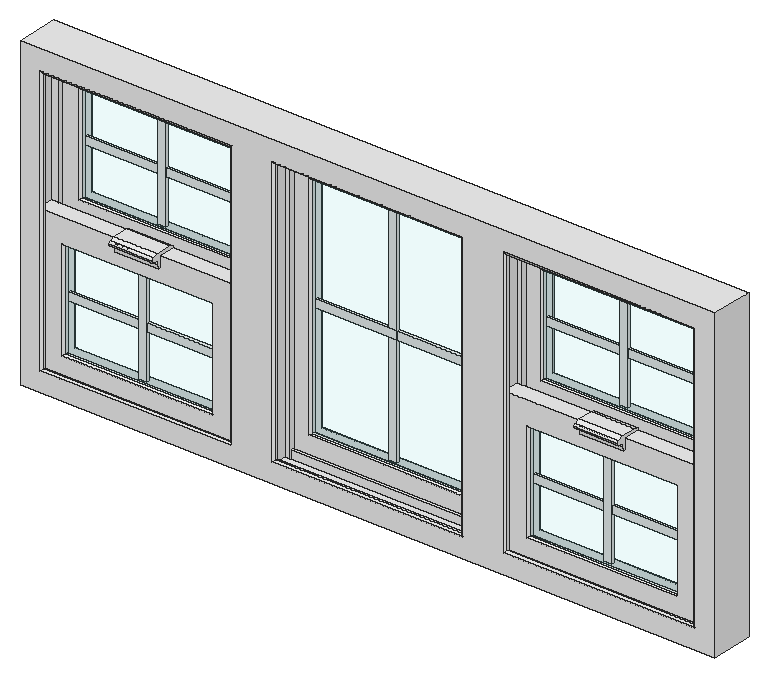
Revit family "Windows_Single-Hung_Milgard_Tuscany-Montecito-Series_Double-Single-Hung-W-Picture", category Windows, host Wall, Revit 2017
Family settings
  Host = Wall
  OmniClass Number = 23.30.20.17.17.11
  OmniClass Title = Single-Hung Windows
  Always vertical = Yes
  Cut with Voids When Loaded = No
  Shared = No
  Room Calculation Point = No
Parameters (values of type "54" x 24"")
  Youtube clip = "https://www.youtube.com/watch?v=kTycgURMhFo&list=PL_Ow8HQ0-gw77aRiTrPBSI0--vocwVnzV&index=1"
  Weight Net (Kg) = ""
  Uniformat II Description = "Exterior Windows"
  Uniformat II Code = "B2020"
  Uniclass 2015 Name = ""
  Uniclass 2015 Code = ""
  Uniclass 2.0 Description = ""
  Uniclass 2.0 Code = ""
  Uniclass 1.4 Description = ""
  Uniclass 1.4 Code = ""
  URL = "www.milgard.com"
  UNSPSC Code = ""
  U Values URL = "https://www.milgard.com/professionals/energy-calculator"
  Technical description = "https://www.milgard.com/professionals/technical-resources?doc_type%5B%5D=48"
  Style = "Double Single Hung with Picture Window"  # constant formula
  Sash Division = Height / 2  # 12"
  Rough Width = Width + 1"  # 55"
  Rough Height = Height + 1"  # 25"
  Region South America = "None"
  Region Oceania = "None"
  Region North America = "CA, US"
  Region Middle East = "None"
  Region Europe = "None"
  Region Asia = "None"
  Region Antarctica = "None"
  Region Africa = "None"
  QR code = "http://bimobject.com/milgardwindowsanddoors/product/milgard-001"
  Product url = "http://www.milgard.com/windows/tuscany-series/tuscany-series-single-hung-window"
  Product group = "Tuscany??? Series"
  Product family = "Single-Hung Windows"
  Product data url = "https://bimobject.com/milgardwindowsanddoors/product/milgard-001"
  Product certification = "https://www.milgard.com/learn/why-milgard/sustainability"
  Product SKU = "milgard-001"
  Product Page URL = "https://www.milgard.com/windows/tuscany-series/tuscany-series-single-hung-window#series-styles--wrapper"
  Product Guid = "9f75bdfc-b521-4a0d-af9b-e80957409c86"
  Product Documentation Link = "https://www.milgard.com/professionals/technical-resources"
  OmniClass Description = "Windows"
  OmniClass Code = "23-17 13 00"
  Nominal width = 0"
  Nominal height = 0"
  NBS Reference Description = ""
  NBS Reference Code = ""
  Model = "Tuscany® Series"  # constant formula
  Material secondary = "Glass"
  Material main = "Vinyl"
  Masterformat 2014 Description = "Vinyl Windows"
  Masterformat 2014 Code = "08 53 13"
  Manufacturer name = "Milgard Windows and Doors"
  Manufacturer country = "United States"
  Manufacturer = "® 2017 Milgard Manufacturing, Inc."  # constant formula
  LEED Credit = ""
  Interior Frame Color [instance] = Paint-Milgard-White
  Installation instructions = "https://www.milgard.com/professionals/installation-finishing"
  IFC Classification = ""
  Height = 24"
  Has Grid [instance] = yes
  Hardware Color [instance] = Paint-Milgard-White
  Grid Type = Grid-Milgard : Flat
  Grid Color [instance] = Paint-Milgard-White
  Green Building LEED = "https://www.milgard.com/sites/default/files/leed.pdf"
  Glass Material [instance] = Glass-Milgard-P516
  Exterior Frame Color [instance] = Paint-Milgard-White
  Energy Star Zone = "https://www.milgard.com/learn/energy-efficient-windows/energy-star"
  Edition number = 1
  EAN code = ""
  Design country = "United States"
  Design Pressure = ""
  Description = "Vinyl Windows"  # constant formula
  Depth = 3 1/4"  # constant formula
  Default Sill Height = 36"
  Wall Closure = By host
  Width = 54"
  Date of publishing = "1/17/2017"
  COBIe Type Category = ""
  Brand url = "http://www.milgard.com/"
  BIMobject category = "Opening Hinge"
  Analytic Construction = "<None>"
Types (3): name | Sash Division | Rough Width | Rough Height | Height | Width
  60" x 48" | 24" | 61" | 49" | 48" | 60"
  99" x 60" | 30" | 100" | 61" | 60" | 99"
  54" x 24" | 12" | 55" | 25" | 24" | 54"
Reference planes (in)
  plane 1 "Center (Front/Back)": y = 0
  plane 2: z = 0
  plane 3 "Center (Left/Right)": x = 0
  plane 4 "Left": x = -27
  plane 5 "Right": x = 27
  plane 6 "Sill": z = 36
  plane 7 "Top": z = 60
  plane 8: z = 48
  plane 9 "Interior": y = -1.625
  plane 10 "Exterior": y = 1.625
  plane 11: z = 46.75
  plane 12: x = 23.875
  plane 13 "Top Muntin": z = 56.875
  plane 14: z = 49.25
  plane 15 "Exterior Grid CL": y = 0.908
  plane 16 "Interior Grid CL": y = -0.743
  plane 17 "Bottom Muntin": z = 39.125
  plane 18: z = 58.779
  plane 19: z = 37.221
  plane 20: x = -23.875
  plane 21: x = -25.779
  plane 22: x = 25.779
  plane 23: z = 47.34619
  plane 24: z = 48.65381
  plane 25: x = -9
  plane 26: x = 9
Forms (in)
  Sweep 1, solid, material "Paint-Milgard-White" <- "Exterior Frame Color", detail levels medium+fine
    path origin (0, 0, 0) x (1, 0, 0) y (0, 0, 1)
      loop
        line (-27, 36) -> (27, 36) -> (27, 60) -> (-27, 60) -> (-27, 36)
    profile origin (-27, 0, 48) x (-1, 0, 0) y (0, -1, 0)
      loop
        line (-1.72, 1.38) -> (-1.1245, 1.38) -> (-1.1245, 0.025) -> (-1.72, 0.025) -> (-1.72, -0.27) -> (-1.095, -0.27) -> (-1.095, -0.97618) -> (-0.7204, -1.625) -> (0, -1.625) -> (0, 1.625) -> (-1.54679, 1.625) -> (-1.72, 1.525) -> (-1.72, 1.38)
  Extrusion 2, solid, material "Paint-Milgard-White" <- "Exterior Frame Color", detail levels medium+fine
    sketch origin (0, 0, 36) x (0, -1, 0) y (1, 0, 0)
      loop
        line (1.38, 10.75) -> (1.38, 10.3745) -> (0.10548, 10.3745) -> (0.10548, 10.75) -> (-0.27, 10.75) -> (-0.27, 10.105) -> (-1.05482, 10.105) -> (-1.625, 9.7504) -> (-1.625, 8.2496) -> (-1.05482, 7.895) -> (-0.27, 7.895) -> (-0.27, 7.25) -> (0.10548, 7.25) -> (0.10548, 7.6255) -> (1.38, 7.6255) -> (1.38, 7.25) -> (1.525, 7.25) -> (1.625, 7.42321) -> (1.625, 10.57679) -> (1.525, 10.75) -> (1.38, 10.75)
    from 0 to 24
  Extrusion 3, solid, material "Paint-Milgard-White" <- "Exterior Frame Color", detail levels medium+fine
    sketch origin (-16, 0, 36) x (0, -1, 0) y (1, 0, 0)
      loop
        line (1.38, 8.75) -> (1.38, 8.3745) -> (0.10548, 8.3745) -> (0.10548, 8.75) -> (-0.27, 8.75) -> (-0.27, 8.105) -> (-1.05482, 8.105) -> (-1.625, 7.7504) -> (-1.625, 6.2496) -> (-1.05482, 5.895) -> (-0.27, 5.895) -> (-0.27, 5.25) -> (0.10548, 5.25) -> (0.10548, 5.6255) -> (1.38, 5.6255) -> (1.38, 5.25) -> (1.525, 5.25) -> (1.625, 5.42321) -> (1.625, 8.57679) -> (1.525, 8.75) -> (1.38, 8.75)
    from 0 to 24
  Sweep 4, solid, material "Paint-Milgard-White", detail levels coarse
    path in 3D
      loop
        line (-27, 1.625, 36) -> (27, 1.625, 36)
    profile origin (0, 1.625, 36) x (0, 1, 0) y (0, 0, 1)
      loop
        line (0, 0) -> (0, 1.221) -> (-3.25, 1.221) -> (-3.25, 0) -> (0, 0)
  Sweep 5, solid, material "Paint-Milgard-White", detail levels coarse
    path in 3D
      loop
        line (-27, -1.625, 60) -> (27, -1.625, 60)
    profile origin (0, -1.625, 60) x (0, -1, 0) y (0, 0, -1)
      loop
        line (-3.25, 0) -> (0, 0) -> (0, 1.221) -> (-3.25, 1.221) -> (-3.25, 0)
  Sweep 6, solid, material "Paint-Milgard-White", detail levels coarse
    path in 3D
      loop
        line (-27, -1.625, 36) -> (-27, -1.625, 60)
    profile origin (-27, -1.625, 48) x (0, -1, 0) y (1, 0, 0)
      loop
        line (-3.25, 0) -> (0, 0) -> (0, 1.72) -> (-3.25, 1.72) -> (-3.25, 0)
      loop
        line (-3.25, 16.25) -> (0, 16.25) -> (0, 19.75) -> (-3.25, 19.75) -> (-3.25, 16.25)
      loop
        line (-3.25, 34.25) -> (0, 34.25) -> (0, 37.75) -> (-3.25, 37.75) -> (-3.25, 34.25)
      loop
        line (-3.25, 52.28) -> (0, 52.28) -> (0, 54) -> (-3.25, 54) -> (-3.25, 52.28)
Cuts and joins
  joined: Sweep 1, Extrusion 2, Extrusion 3
  joined: Sweep 4, Sweep 5, Sweep 6
Lines and regions (in)
  Opening 1
    outline origin (-60, -1.625, 0) x (1, 0, 0) y (0, 0, 1)
      loop
        line (33, 60) -> (33, 36) -> (87, 36) -> (87, 60) -> (33, 60)
  Masking region 1
    outline origin (0, 1.1585, 36) x (0, -1, 0) y (1, 0, 0)
      loop
        line (-0.4665, -27) -> (2.7835, -27) -> (2.7835, 27) -> (-0.4665, 27) -> (-0.4665, -27)
  symbolic lines
    curve 1: line (-25.28, 1.625, 36) -> (-25.28, -1.625, 36)
    curve 2: line (25.28, 1.625, 36) -> (25.28, -1.625, 36)
    curve 9: line (-10.75, -1.625, 0) -> (-10.75, 1.625, 0)
    curve 10: line (-7.25, -1.625, 0) -> (-7.25, 1.625, 0)
    curve 12: line (-25.28, 0, 0) -> (-10.75, 0, 0)
    curve 16: line (-7.25, 0, 0) -> (7.25, 0, 0)
    curve 19: line (7.25, -1.625, 0) -> (7.25, 1.625, 0)
    curve 20: line (10.75, -1.625, 0) -> (10.75, 1.625, 0)
    curve 24: line (10.75, 0, 0) -> (25.28, 0, 0)
  symbolic lines, detail levels medium+fine
    curve 3: line (-25.28, 1.44922, 36) -> (-10.75, 1.44922, 36)
    curve 4: line (-25.28, -1.44922, 36) -> (-10.75, -1.44922, 36)
    curve 6: line (-23.875, 1.44922, 36) -> (-23.875, -1.44922, 36)
    curve 8: line (23.875, -1.625, 36) -> (23.875, 1.44922, 36)
    curve 11: line (-12.65381, 1.44922, 0) -> (-12.65381, -1.44922, 0)
    curve 13: line (-7.25, 1.44922, 0) -> (7.25, 1.44922, 0)
    curve 14: line (-7.25, -1.44922, 0) -> (7.25, -1.44922, 0)
    curve 15: line (-5.346, 1.44922, 0) -> (-5.346, -1.44922, 0)
    curve 21: line (5.34619, 1.44922, 0) -> (5.34619, -1.44922, 0)
    curve 22: line (12.654, 1.44922, 0) -> (12.654, -1.44922, 0)
    curve 26: line (10.75, 1.44922, 0) -> (25.28, 1.44922, 0)
    curve 27: line (10.75, -1.44922, 0) -> (25.28, -1.44922, 0)
  symbolic lines, detail levels fine
    curve 5: line (-23.875, 0.944, 36) -> (-12.65381, 0.944, 36)
    curve 7: line (-23.875, -0.793, 36) -> (-12.65381, -0.793, 36)
    curve 17: line (-5.346, 0.908, 0) -> (5.34619, 0.908, 0)
    curve 18: line (-5.346, -0.743, 0) -> (5.34619, -0.743, 0)
    curve 23: line (12.654, 0.908, 0) -> (23.875, 0.908, 0)
    curve 25: line (12.654, -0.743, 0) -> (23.875, -0.743, 0)
  sketch lines
    curve 28: line (-27, 1.625, 36) -> (27, 1.625, 36)
    curve 29: line (-27, -1.625, 60) -> (27, -1.625, 60)
    curve 30: line (-27, -1.625, 36) -> (-27, -1.625, 60)
Text (in)
  text "EXTERIOR" at (-81.73802, 20.9526, 0), in view "Ref. Level"
  text "INTERIOR" at (-81.73802, -12.83634, 0), in view "Ref. Level"
  text "Exterior" at (0, 43.65631, 123.19604), in view "Left"
  text "Exterior" at (0, 18.29385, 125.04747), in view "Right"
Dimensions and locks (in)
  equal spacing: plane 4 "Left", plane 3 "Center (Left/Right)", plane 5 "Right"
  "Width": plane 4 "Left" to plane 5 "Right"
  "Height": plane 6 "Sill" to plane 7 "Top"
  "Default Sill Height": plane 2 to plane 6 "Sill"
  "Sash Division": plane 8 to plane 6 "Sill"
  equal spacing: plane 10 "Exterior", plane 1 "Center (Front/Back)", plane 9 "Interior"
  "Depth": plane 10 "Exterior" to plane 9 "Interior"
  locked: plane 12 to plane 5 "Right" at 3.125
  locked: plane 7 "Top" to plane 13 "Top Muntin" at 3.125
  locked: Sweep 1 sketch curve to plane 10 "Exterior" at 3.25
  locked: Sweep 1 to curve 4 at 0.17578
  locked: plane 15 "Exterior Grid CL" to plane 10 "Exterior" at 0.717
  locked: plane 16 "Interior Grid CL" to plane 9 "Interior" at 0.882
  locked: plane 17 "Bottom Muntin" to plane 6 "Sill" at 3.125
  locked: plane 18 to plane 13 "Top Muntin" at 1.904
  locked: plane 17 "Bottom Muntin" to plane 19 at 1.904
  locked: plane 4 "Left" to plane 20 at 3.125
  locked: plane 22 to plane 12 at 1.904
  plane 4 "Left" to plane 20 = 3 1/8"
  locked: plane 21 to plane 20 at 1.904
  locked: plane 4 "Left" to curve 1 at 1.72
  locked: curve 2 to plane 5 "Right" at 1.72
  locked: plane 9 "Interior" to curve 27 at 0.17578
  locked: curve 26 to plane 10 "Exterior" at 0.17578
  equal spacing: plane 4 "Left", plane 25, plane 26, plane 5 "Right"
  plane 14 to plane 24 to plane 8 to plane 23 to plane 11 = 0.59619" locked, 0.65381" locked, 0.65381" locked, 0.59619" locked
  aligned and locked: plane 7 "Top" to Opening 1 sketch curve
  aligned and locked: plane 6 "Sill" to Opening 1 sketch curve  (x2)
  aligned and locked: plane 5 "Right" to Opening 1 sketch curve
  aligned and locked: plane 4 "Left" to Opening 1 sketch curve
  aligned and locked: plane 7 "Top" to Sweep 1 sketch curve
  aligned and locked: Sweep 1 sketch curve to plane 4 "Left"
  aligned and locked: plane 5 "Right" to Sweep 1 sketch curve
  aligned and locked: Sweep 1 sketch curve to plane 6 "Sill"
  aligned and locked: host wall to plane 10 "Exterior"
  aligned: Masking region 1 to Sweep 1  (x4)
  aligned and locked: Sweep 1 to curve 2
  aligned and locked: Sweep 1 to curve 1  (x2)
  aligned and locked: curve 1 to curve 3
  aligned and locked: curve 3 to curve 6
  aligned and locked: curve 4 to curve 6
  aligned and locked: curve 6 to curve 7
  aligned and locked: Masking region 1 sketch curve to plane 4 "Left"
  aligned and locked: plane 5 "Right" to Masking region 1 sketch curve
  aligned and locked: Masking region 1 sketch curve to plane 10 "Exterior"
  aligned and locked: plane 9 "Interior" to Masking region 1 sketch curve
  aligned and locked: curve 6 to plane 20
  aligned and locked: plane 12 to curve 8
  aligned and locked: plane 10 "Exterior" to curve 9
  aligned and locked: plane 9 "Interior" to curve 9
  aligned and locked: plane 10 "Exterior" to curve 10
  aligned and locked: plane 9 "Interior" to curve 10
  aligned and locked: curve 3 to curve 11
  aligned and locked: curve 4 to curve 11
  aligned and locked: curve 1 to curve 12
  aligned and locked: plane 1 "Center (Front/Back)" to curve 12
  aligned and locked: curve 2 to curve 26
  aligned and locked: curve 2 to curve 27
  aligned and locked: curve 14 to curve 15
  aligned and locked: curve 2 to curve 24
  aligned and locked: plane 1 "Center (Front/Back)" to curve 16
  aligned and locked: curve 15 to curve 17
  aligned and locked: curve 8 to curve 23
  aligned and locked: curve 8 to curve 25
  aligned and locked: plane 15 "Exterior Grid CL" to curve 17
  aligned and locked: curve 18 to plane 16 "Interior Grid CL"
  aligned and locked: plane 9 "Interior" to curve 2
  aligned and locked: plane 9 "Interior" to curve 8
  aligned and locked: nested 1 to plane 16 "Interior Grid CL"
  aligned: nested 1 to plane 21
  aligned: plane 19 to nested 1
  aligned: plane 24 to nested 1
  aligned and locked: nested 1 to nested 2  (x2)
  aligned: plane 19 to nested 3
  aligned: plane 24 to nested 3
  aligned and locked: nested 4 to nested 5  (x2)
  aligned: nested 4 to plane 24
  aligned: plane 19 to nested 4
  aligned: nested 4 to plane 22  (x2)
  aligned and locked: plane 10 "Exterior" to Extrusion 2
  aligned and locked: Extrusion 2 to plane 9 "Interior"
  aligned: Extrusion 2 to plane 7 "Top"
  aligned: Extrusion 3 to plane 7 "Top"
  aligned and locked: plane 10 "Exterior" to Extrusion 3
  aligned and locked: Extrusion 3 to plane 9 "Interior"
  aligned and locked: host wall to cut or joined group of Sweep 1, Extrusion 2, Extrusion 3
  aligned and locked: host wall to Extrusion 2
  aligned: nested 1 to cut or joined group of Sweep 1, Extrusion 2, Extrusion 3
  aligned: cut or joined group of Sweep 1, Extrusion 2, Extrusion 3 to nested 3
  aligned: nested 3 to Extrusion 2
  aligned: Extrusion 2 to nested 4
  aligned: nested 6 to plane 21
  aligned: plane 23 to nested 6
  aligned: nested 7 to plane 23
  aligned: plane 18 to nested 6
  aligned: plane 18 to nested 7
  aligned and locked: nested 1 to nested 8  (x4)
  aligned and locked: nested 3 to nested 9  (x4)
  aligned and locked: nested 4 to nested 10  (x4)
  aligned and locked: nested 6 to nested 11  (x4)
  aligned and locked: nested 7 to nested 12  (x4)
  aligned and locked: curve 19 to curve 13
  aligned and locked: curve 20 to curve 26
  aligned: nested 6 to cut or joined group of Sweep 1, Extrusion 2, Extrusion 3
  aligned: Extrusion 2 to nested 7
  aligned: nested 7 to cut or joined group of Sweep 1, Extrusion 2, Extrusion 3
  aligned: plane 18 to nested 3
  aligned and locked: nested 6 to plane 21
  aligned and locked: plane 18 to nested 6
  aligned and locked: nested 6 to cut or joined group of Sweep 1, Extrusion 2, Extrusion 3
  aligned and locked: cut or joined group of Sweep 1, Extrusion 2, Extrusion 3 to nested 3
  aligned and locked: nested 3 to cut or joined group of Sweep 1, Extrusion 2, Extrusion 3
  aligned and locked: cut or joined group of Sweep 1, Extrusion 2, Extrusion 3 to nested 7
  aligned and locked: nested 7 to plane 22
  aligned and locked: plane 18 to nested 7
  aligned and locked: plane 19 to nested 3
  aligned and locked: nested 1 to plane 21
  aligned and locked: nested 4 to plane 22  (x2)
  aligned and locked: plane 24 to nested 1
  aligned and locked: plane 23 to nested 6
  aligned and locked: nested 7 to plane 23
  aligned and locked: nested 4 to plane 24
  aligned and locked: plane 19 to nested 1
  aligned and locked: plane 19 to nested 4
  aligned and locked: cut or joined group of Sweep 1, Extrusion 2, Extrusion 3 to nested 4
  aligned and locked: nested 1 to cut or joined group of Sweep 1, Extrusion 2, Extrusion 3
  aligned and locked: plane 18 to nested 3
  aligned and locked: Sweep 4 sketch curve to host wall
  aligned and locked: Sweep 4 sketch curve to plane 19
  aligned and locked: Sweep 6 sketch curve to plane 10 "Exterior"  (x4)
  aligned and locked: Sweep 6 sketch curve to plane 9 "Interior"  (x4)
  aligned and locked: Sweep 6 sketch curve to host wall  (x2)
  aligned and locked: Sweep 6 sketch curve to curve 1
  aligned and locked: Sweep 6 sketch curve to curve 9
  aligned and locked: Sweep 6 sketch curve to curve 10
  aligned and locked: Sweep 6 sketch curve to curve 19
  aligned and locked: Sweep 6 sketch curve to curve 20
  aligned and locked: curve 2 to Sweep 6 sketch curve
  aligned and locked: Sweep 4 sketch curve to plane 9 "Interior"
  aligned and locked: plane 10 "Exterior" to Sweep 4 sketch curve
  aligned and locked: Sweep 5 sketch curve to plane 18
  aligned and locked: plane 9 "Interior" to Sweep 5 sketch curve
  aligned and locked: Sweep 5 sketch curve to plane 10 "Exterior"
Automatic sketch dimensions
  curve 6 to host wall = 45/256"
  curve 8 to host wall = 45/256"
  curve 5 to plane 15 "Exterior Grid CL" = 0.036"
  curve 7 to plane 16 "Interior Grid CL" = 0.05"
  curve 5 to plane 25 = 3.65381"
  curve 7 to curve 5 = 0"
  curve 3 to plane 25 = 1 3/4"
  curve 4 to plane 25 = 1 3/4"
  Sweep 1 sketch curve to profile plane = 0"
  profile plane to Sweep 1 sketch curve = 0.7204"
  Sweep 1 sketch curve to plane 1 "Center (Front/Back)" = 0.27"
  profile plane to Sweep 1 sketch curve = 1.095"
  profile plane to Sweep 1 sketch curve = 1.1245"
  Sweep 1 sketch curve to Sweep 1 sketch curve = 0.42229"
  Sweep 1 sketch curve to Sweep 1 sketch curve = 5/8"
  Sweep 1 sketch curve to Sweep 1 sketch curve = 0.17321"
  Sweep 1 sketch curve to Sweep 1 sketch curve = 0.70618"
  Sweep 1 sketch curve to Sweep 1 sketch curve = 0.64882"
  plane 1 "Center (Front/Back)" to Sweep 1 sketch curve = 0.025"
  Sweep 1 sketch curve to Sweep 1 sketch curve = 0.245"
  Sweep 1 sketch curve to Sweep 1 sketch curve = 0.145"
  Extrusion 2 sketch curve to host wall = 0"
  Extrusion 2 sketch curve to plane 9 "Interior" = 0"
  Extrusion 2 sketch curve to plane 15 "Exterior Grid CL" = 0.14682"  (x2)
  Extrusion 2 sketch curve to plane 1 "Center (Front/Back)" = 0.27"  (x2)
  plane 1 "Center (Front/Back)" to Extrusion 2 sketch curve = 27/256"  (x2)
  plane 9 "Interior" to Extrusion 2 sketch curve = 0.245"  (x2)
  plane 9 "Interior" to Extrusion 2 sketch curve = 0.1"  (x2)
  Extrusion 2 sketch curve to plane 26 = 1 3/4"
  Extrusion 2 sketch curve to Extrusion 2 sketch curve = 0"
  Extrusion 2 sketch curve to Extrusion 2 sketch curve = 0.17321"  (x2)
  Extrusion 2 sketch curve to Extrusion 2 sketch curve = 0.3755"  (x2)
  Extrusion 2 sketch curve to Extrusion 2 sketch curve = 0.2695"  (x2)
  Extrusion 2 sketch curve to Extrusion 2 sketch curve = 0.3546"
  plane 26 to Extrusion 2 sketch curve = 0.7504"
  plane 26 to Extrusion 2 sketch curve = 1.105"
  Extrusion 2 sketch curve to Extrusion 2 sketch curve = 0.20229"
  Extrusion 3 sketch curve to host wall = 0"
  Extrusion 3 sketch curve to plane 9 "Interior" = 0"
  Extrusion 3 sketch curve to plane 15 "Exterior Grid CL" = 0.14682"  (x2)
  Extrusion 3 sketch curve to plane 1 "Center (Front/Back)" = 0.27"  (x2)
  plane 1 "Center (Front/Back)" to Extrusion 3 sketch curve = 27/256"  (x2)
  plane 9 "Interior" to Extrusion 3 sketch curve = 0.245"  (x2)
  plane 9 "Interior" to Extrusion 3 sketch curve = 0.1"  (x2)
  Extrusion 3 sketch curve to plane 25 = 1 3/4"
  Extrusion 3 sketch curve to Extrusion 3 sketch curve = 0"
  Extrusion 3 sketch curve to Extrusion 3 sketch curve = 0.17321"  (x2)
  Extrusion 3 sketch curve to Extrusion 3 sketch curve = 0.3755"  (x2)
  Extrusion 3 sketch curve to Extrusion 3 sketch curve = 0.2695"  (x2)
  Extrusion 3 sketch curve to Extrusion 3 sketch curve = 0.3546"
  plane 25 to Extrusion 3 sketch curve = 0.7504"
  plane 25 to Extrusion 3 sketch curve = 1.105"
  Extrusion 3 sketch curve to Extrusion 3 sketch curve = 0.20229"
  curve 19 to plane 9 "Interior" = 0"
  curve 19 to host wall = 0"
  curve 20 to host wall = 0"
  curve 20 to plane 9 "Interior" = 0"
  plane 1 "Center (Front/Back)" to curve 24 = 0"
  plane 15 "Exterior Grid CL" to curve 23 = 0"
  curve 25 to plane 16 "Interior Grid CL" = 0"
  curve 11 to plane 25 = 3.65381"
  curve 12 to plane 25 = 1 3/4"
  plane 25 to curve 10 = 1 3/4"
  curve 15 to host wall = 45/256"
  curve 13 to curve 15 = 1.904"
  plane 9 "Interior" to curve 21 = 45/256"
  curve 17 to curve 16 = 1.90381"
  curve 14 to plane 26 = 1 3/4"
  plane 26 to curve 20 = 1 3/4"
  curve 26 to curve 22 = 1.904"
  profile plane to Sweep 5 sketch curve = 0"
Nested families (in)
  nested 1: "Sash-Milgard-Single _Hung" at (-18.07675, -0.743, 42.9374) x (1, 0, 0) z (0, -1, 0), Sash Color <- "Interior Frame Color", type "By type"
    with Width 15.4045", Sash Color Paint-Milgard-White, Height 11.43281", Grid Width 11.6545", Grid Height 7.93281", Depth 1 35/128"
  nested 2: "Lock-Streamlined" at (-18.07675, -1.37972, 48.65381), Hardware Color <- "Hardware Color", type "By type", detail levels fine
    with Hardware Color Paint-Milgard-White
  nested 3: "Sash-Milgard-Single _Hung" at (0, 0.908, 48) x (1, 0, 0) z (0, -1, 0), Sash Color <- "Interior Frame Color", type "By type"
    with Width 15.79", Sash Color Paint-Milgard-White, Height 21.558", Grid Width 12.04", Grid Height 18.058", Depth 1 35/128"
  nested 4: "Sash-Milgard-Single _Hung" at (18.07675, -0.743, 42.9374) x (1, 0, 0) z (0, -1, 0), Sash Color <- "Interior Frame Color", type "By type"
    with Width 15.4045", Sash Color Paint-Milgard-White, Height 11.43281", Grid Width 11.6545", Grid Height 7.93281", Depth 1 35/128"
  nested 5: "Lock-Streamlined" at (18.07675, -1.37972, 48.65381), Hardware Color <- "Hardware Color", type "By type", detail levels fine
    with Hardware Color Paint-Milgard-White
  nested 6: "Sash-Milgard-Single _Hung" at (-17.942, 0.908, 53.0626) x (1, 0, 0) z (0, -1, 0), Sash Color <- "Interior Frame Color", type "By type"
    with Width 15.674", Sash Color Paint-Milgard-White, Height 11.43281", Grid Width 11.924", Grid Height 7.93281", Depth 1 35/128"
  nested 7: "Sash-Milgard-Single _Hung" at (17.942, 0.908, 53.0626) x (1, 0, 0) z (0, -1, 0), Sash Color <- "Interior Frame Color", type "By type"
    with Width 15.674", Sash Color Paint-Milgard-White, Height 11.43281", Grid Width 11.924", Grid Height 7.93281", Depth 1 35/128"
  nested 8: "Grid-Milgard" at (-18.07675, -0.743, 42.9374) x (1, 0, 0) z (0, -1, 0), type <- "Grid Type", visible <- "Has Grid", Grid Material <- "Grid Color", type "Flat"
    with Y Single Grid yes, Y Multiple Grid no, Y Grid Spacing 10", Y Grid Qty 1, Y Grid Location 0", Y Grid Array 2, X Single Grid yes, X Multiple Grid no, X Grid Spacing 10", X Grid Qty 1, X Grid Location 0", X Grid Array 2, Width 11.59689", Height 7.62519", Grid Material Paint-Milgard-White
  nested 9: "Grid-Milgard" at (0, 0.908, 48) x (1, 0, 0) z (0, -1, 0), type <- "Grid Type", visible <- "Has Grid", Grid Material <- "Grid Color", type "Flat"
    with Y Single Grid yes, Y Multiple Grid no, Y Grid Spacing 10", Y Grid Qty 1, Y Grid Location 0", Y Grid Array 2, X Single Grid yes, X Multiple Grid no, X Grid Spacing 10", X Grid Qty 1, X Grid Location 0", X Grid Array 2, Width 11.98239", Height 17.75039", Grid Material Paint-Milgard-White
  nested 10: "Grid-Milgard" at (18.07675, -0.743, 42.9374) x (1, 0, 0) z (0, -1, 0), type <- "Grid Type", visible <- "Has Grid", Grid Material <- "Grid Color", type "Flat"
    with Y Single Grid yes, Y Multiple Grid no, Y Grid Spacing 10", Y Grid Qty 1, Y Grid Location 0", Y Grid Array 2, X Single Grid yes, X Multiple Grid no, X Grid Spacing 10", X Grid Qty 1, X Grid Location 0", X Grid Array 2, Width 11.59689", Height 7.62519", Grid Material Paint-Milgard-White
  nested 11: "Grid-Milgard" at (-17.942, 0.908, 53.0626) x (1, 0, 0) z (0, -1, 0), type <- "Grid Type", visible <- "Has Grid", Grid Material <- "Grid Color", type "Flat"
    with Y Single Grid yes, Y Multiple Grid no, Y Grid Spacing 10", Y Grid Qty 1, Y Grid Location 0", Y Grid Array 2, X Single Grid yes, X Multiple Grid no, X Grid Spacing 10", X Grid Qty 1, X Grid Location 0", X Grid Array 2, Width 11.86639", Height 7.62519", Grid Material Paint-Milgard-White
  nested 12: "Grid-Milgard" at (17.942, 0.908, 53.0626) x (1, 0, 0) z (0, -1, 0), type <- "Grid Type", visible <- "Has Grid", Grid Material <- "Grid Color", type "Flat"
    with Y Single Grid yes, Y Multiple Grid no, Y Grid Spacing 10", Y Grid Qty 1, Y Grid Location 0", Y Grid Array 2, X Single Grid yes, X Multiple Grid no, X Grid Spacing 10", X Grid Qty 1, X Grid Location 0", X Grid Array 2, Width 11.86639", Height 7.62519", Grid Material Paint-Milgard-White
Definition of nested family "Sash-Milgard-Single _Hung"
  Parameters (values of type "By type")
    Width [instance] = 48"
    Sash Color [instance] = none
    Height [instance] = 48"
    Grid Width [instance] = Width - 3 3/4"  # 44 1/4"
    Grid Height [instance] = Height - 3 1/2"  # 44 1/2"
    Glass Material = none
    Depth [instance] = 1 35/128"
    Default Elevation = 48"
    Assembly Code = ""
    Analytic Construction = "<None>"
  Reference planes (in)
    plane 1 "Center (Front/Back)": y = 0
    plane 2: z = 0
    plane 3 "Center (Left/Right)": x = 0
    plane 4 "Left": x = -24
    plane 5 "Right": x = 24
    plane 6 "Top": y = 24
    plane 7 "Bottom": y = -24
    plane 8 "Front": z = 0.63672
    plane 9 "Back": z = -0.63672
    plane 10: y = 22.60727
    plane 11: y = -22.60727
    plane 12: x = 22.60727
    plane 13: x = -22.60727
    plane 14 "Grid Plane 1": x = -22.09619
    plane 15 "Grid Plane 2": x = 22.09619
    plane 16 "Grid Plane 3": y = 22.09619
    plane 17 "Grid Plane 4": y = -22.09619
  Forms (in)
    Sweep 1, solid, material <- "Sash Color"
      path origin (0, 0, 0) x (1, 0, 0) y (0, 1, 0)
        loop
          line (-24, 24) -> (-24, -24) -> (24, -24) -> (24, 24) -> (-24, 24)
      profile origin (-24, 0, 0) x (1, 0, 0) y (0, 0, 1)
        loop
          line (0, 0.63672) -> (0, -0.63672) -> (1.80668, -0.63672) -> (1.91032, -0.4572) -> (1.39273, -0.4572) -> (1.39273, 0.48759) -> (1.90381, 0.48759) -> (1.81771, 0.63672) -> (0, 0.63672)
    Extrusion 2, solid, material <- "Glass Material"
      sketch origin (0, 0, 0) x (0, 1, 0) y (0, 0, 1)
        loop
          line (22.60727, 0.48759) -> (-22.60727, 0.48759) -> (-22.60727, 0.36259) -> (22.60727, 0.36259) -> (22.60727, 0.48759)
        loop
          line (22.60727, -0.4572) -> (22.60727, -0.3322) -> (-22.60727, -0.3322) -> (-22.60727, -0.4572) -> (22.60727, -0.4572)
      from -22.60727 to 22.60727
  Dimensions and locks (in)
    equal spacing: plane 4 "Left", plane 3 "Center (Left/Right)", plane 5 "Right"
    "Width": plane 4 "Left" to plane 5 "Right"
    equal spacing: plane 8 "Front", level, plane 9 "Back"
    "Depth": plane 8 "Front" to plane 9 "Back"
    equal spacing: plane 6 "Top", plane 1 "Center (Front/Back)", plane 7 "Bottom"
    "Height": plane 6 "Top" to plane 7 "Bottom"
    Extrusion 2 sketch curve to Sweep 1 = 1/8"  (x2)
    locked: plane 6 "Top" to plane 10 at 1.39273
    locked: plane 11 to plane 7 "Bottom" at 1.39273
    locked: plane 12 to plane 5 "Right" at 1.39273
    locked: plane 4 "Left" to plane 13 at 1.39273
    locked: plane 13 to plane 14 "Grid Plane 1" at 0.51107
    locked: plane 15 "Grid Plane 2" to plane 12 at 0.51107
    locked: plane 10 to plane 16 "Grid Plane 3" at 0.51107
    locked: plane 17 "Grid Plane 4" to plane 11 at 0.51107
    aligned and locked: profile plane to Sweep 1 sketch curve
    aligned and locked: Sweep 1 to plane 8 "Front"
    aligned and locked: Sweep 1 to plane 9 "Back"
    aligned and locked: Sweep 1 sketch curve to plane 6 "Top"
    aligned and locked: Sweep 1 sketch curve to plane 7 "Bottom"
    aligned and locked: Sweep 1 sketch curve to plane 4 "Left"
    aligned and locked: Sweep 1 sketch curve to plane 5 "Right"
    aligned and locked: plane 10 to Extrusion 2  (x2)
    aligned and locked: Extrusion 2 to plane 11  (x2)
    aligned and locked: plane 13 to Extrusion 2
    aligned and locked: plane 12 to Extrusion 2
  Automatic sketch dimensions
    level to Sweep 1 sketch curve = 0.48759"
    Sweep 1 sketch curve to profile plane = 1.39273"
    Sweep 1 sketch curve to level = 163/256"
    Sweep 1 sketch curve to Sweep 1 sketch curve = 0.41395"
    Sweep 1 sketch curve to Sweep 1 sketch curve = 0.42497"
    Sweep 1 sketch curve to Sweep 1 sketch curve = 0.0861"
    Sweep 1 sketch curve to level = 0.4572"
    Sweep 1 sketch curve to Sweep 1 sketch curve = 0.10364"
    Sweep 1 sketch curve to Sweep 1 sketch curve = 0.14913"
    Extrusion 2 sketch curve to plane 11 = 0"  (x2)
    Extrusion 2 sketch curve to plane 10 = 0"  (x2)
    Extrusion 2 sketch curve to Extrusion 2 sketch curve = 1/8"  (x2)
Definition of nested family "Lock-Streamlined"
  Parameters
    Hardware Color [instance] = none
    Default Elevation = 48"
    Assembly Code = ""
  Reference planes (in)
    plane 1 "Center (Front/Back)": y = 0
    plane 2: z = 0
    plane 3 "Center (Left/Right)": x = 0
  Forms (in)
    Extrusion 1, solid, material <- "Hardware Color"
      sketch origin (0, 0, 0) x (0, 1, 0) y (0, 0, 1)
        loop
          line (1.289, 0) -> (1.289, 0.1) -> (1.02348, 0.19834) -> (-0.16402, 0.19834) -> (-0.53109, 0.04253)
          arc (-0.53109, 0.04253) -> (-0.61252, -0.02474) -> (-0.64397, -0.12558) r 0.1853
          arc (-0.64397, -0.12558) -> (-0.60725, -0.24624) -> (-0.49642, -0.30645) r 0.16635
          line (-0.49642, -0.30645) -> (-0.17485, -0.30645)
          arc (-0.17485, -0.30645) -> (-0.13606, -0.32252) -> (-0.12, -0.3613) r 0.05485
          line (-0.12, -0.3613) -> (-0.12, -0.59691) -> (-0.07, -0.86691) -> (0, -0.86691) -> (0, 0) -> (1.289, 0)
      from -1.69 to 1.69
Definition of nested family "Grid-Milgard"
  Parameters
    Y Single Grid [instance] = Y Grid Qty = 1  # no
    Y Multiple Grid [instance] = Y Grid Qty > 1  # yes
    Y Grid Spacing [instance] = 10"
    Y Grid Qty [instance] = if(Height < 15", (Height / Y Grid Spacing), (Height / Y Grid Spacing) - 1)  # 3
    Y Grid Location [instance] = ((Y Grid Qty - 1) * Y Grid Spacing) / 2  # 10"
    Y Grid Array [instance] = if(Y Grid Qty = 1, Y Grid Qty + 1, Y Grid Qty)  # 3
    X Single Grid [instance] = X Grid Qty = 1  # no
    X Multiple Grid [instance] = X Grid Qty > 1  # yes
    X Grid Spacing [instance] = 10"
    X Grid Qty [instance] = if(Width < 15", (Width / X Grid Spacing), (Width / X Grid Spacing) - 1)  # 3
    X Grid Location [instance] = ((X Grid Qty - 1) * X Grid Spacing) / 2  # 10"
    X Grid Array [instance] = if(X Grid Qty = 1, X Grid Qty + 1, X Grid Qty)  # 3
    Width [instance] = 40"
    Height [instance] = 40"
    Grid Option = Grid_Bar-Milgard-Simulated_Divided_Lite : 7/8"
    Grid Material [instance] = none
    Default Elevation = 48"
    Assembly Code = ""
  Reference planes (in)
    plane 1 "Center (Front/Back)": y = 0
    plane 2: z = 0
    plane 3 "Center (Left/Right)": x = 0
    plane 4 "Left": x = -20
    plane 5 "Right": x = 20
    plane 6 "Top": y = 20
    plane 7 "Bottom": y = -20
  Dimensions and locks (in)
    equal spacing: plane 4 "Left", plane 3 "Center (Left/Right)", plane 5 "Right"
    equal spacing: plane 6 "Top", plane 1 "Center (Front/Back)", plane 7 "Bottom"
    "Width": plane 4 "Left" to plane 5 "Right"
    "Height": plane 6 "Top" to plane 7 "Bottom"
    equal spacing: group 1, group 2, group 5  (x3)
    "X Grid Spacing": nested 1 to nested 3
    equal spacing: group 3, group 4, group 6  (x2)
    equal spacing: group 6, group 4, group 3
    "Y Grid Location": plane 1 "Center (Front/Back)" to nested 2
    "Y Grid Spacing": nested 4 to nested 2
    "X Grid Location": nested 1 to plane 3 "Center (Left/Right)"
    aligned and locked: nested 1 to plane 1 "Center (Front/Back)"
    aligned and locked: plane 3 "Center (Left/Right)" to nested 2
    aligned and locked: nested 3 to plane 1 "Center (Front/Back)"
    aligned and locked: plane 1 "Center (Front/Back)" to nested 5
    aligned and locked: plane 4 "Left" to nested 5
    aligned and locked: plane 5 "Right" to nested 5
    aligned and locked: plane 6 "Top" to nested 6
    aligned and locked: plane 3 "Center (Left/Right)" to nested 6
    aligned and locked: plane 4 "Left" to nested 7
    aligned and locked: plane 5 "Right" to nested 7
    aligned and locked: plane 4 "Left" to nested 8
    aligned and locked: plane 5 "Right" to nested 8
    aligned and locked: plane 1 "Center (Front/Back)" to nested 8
    aligned and locked: nested 9 to plane 6 "Top"
    aligned and locked: nested 9 to plane 3 "Center (Left/Right)"
    aligned and locked: plane 1 "Center (Front/Back)" to nested 7
    aligned and locked: nested 10 to plane 6 "Top"
    aligned and locked: nested 10 to plane 3 "Center (Left/Right)"
  Nested families (in)
    nested 1: "Grid_Bar-Milgard-Simulated_Divided_Lite" at (-10, 0, 0) x (0, 1, 0) z (0, 0, 1), Grid Length <- "Height", visible <- "X Multiple Grid", type <- "Grid Option", type "7/8""
      with Grid Length 40"
    nested 2: "Grid_Bar-Milgard-Simulated_Divided_Lite" at (0, 10, 0), Grid Length <- "Width", visible <- "Y Multiple Grid", type <- "Grid Option", type "7/8""
      with Grid Length 40"
    nested 3: "Grid_Bar-Milgard-Simulated_Divided_Lite" at (0, 0, 0) x (0, 1, 0) z (0, 0, 1), Grid Length <- "Height", visible <- "X Multiple Grid", type <- "Grid Option", type "7/8""
      with Grid Length 40"
    nested 4: "Grid_Bar-Milgard-Simulated_Divided_Lite" at (0, 0, 0), Grid Length <- "Width", visible <- "Y Multiple Grid", type <- "Grid Option", type "7/8""
      with Grid Length 40"
    nested 5: "Grid_Bar-Milgard-Simulated_Divided_Lite" at (0, 0, 0), visible <- "Y Single Grid", Grid Length <- "Width", type <- "Grid Option", type "7/8""
      with Grid Length 40"
    nested 6: "Grid_Bar-Milgard-Simulated_Divided_Lite" at (0, 0, 0) x (0, 1, 0) z (0, 0, 1), visible <- "X Single Grid", type <- "Grid Option", Grid Length <- "Height", type "7/8""
      with Grid Length 40"
    nested 7: "Grid_Bar-Milgard-Simulated_Divided_Lite" at (0, 0, 0), visible <- "Y Single Grid", Grid Length <- "Width", type <- "Grid Option", type "7/8""
      with Grid Length 40"
    nested 8: "Grid_Bar-Milgard-Simulated_Divided_Lite" at (0, 0, 0), Grid Length <- "Width", visible <- "Y Single Grid", type <- "Grid Option", type "7/8""
      with Grid Length 40"
    nested 9: "Grid_Bar-Milgard-Simulated_Divided_Lite" at (0, 0, 0) x (0, -1, 0) z (0, 0, 1), Grid Length <- "Height", visible <- "X Single Grid", type <- "Grid Option", type "7/8""
      with Grid Length 40"
    nested 10: "Grid_Bar-Milgard-Simulated_Divided_Lite" at (0, 0, 0) x (0, -1, 0) z (0, 0, 1), visible <- "X Single Grid", Grid Length <- "Height", type <- "Grid Option", type "7/8""
      with Grid Length 40"
    nested 11: "Grid_Bar-Milgard-Simulated_Divided_Lite" at (10, 0, 0) x (0, 1, 0) z (0, 0, 1), Grid Length <- "Height", visible <- "X Multiple Grid", type <- "Grid Option", type "7/8""
      with Grid Length 40"
    nested 12: "Grid_Bar-Milgard-Simulated_Divided_Lite" at (0, -10, 0), Grid Length <- "Width", visible <- "Y Multiple Grid", type <- "Grid Option", type "7/8""
      with Grid Length 40"
  Definition of nested family "Grid_Bar-Milgard-Simulated_Divided_Lite"
    Parameters
      Grid Material = none
      Grid Length [instance] = 46 1/2"
      Grid Height = 7/8"
      Grid Depth = 1 51/256"
      Default Elevation = 48"
      Assembly Code = ""
    Reference planes (in)
      plane 1 "Center (Front/Back)": y = 0
      plane 2: z = 0
      plane 3 "Center (Left/Right)": x = 0
      plane 4 "Left": x = -23.25
      plane 5 "Right": x = 23.25
      plane 6: y = 0.4375
      plane 7: y = -0.4375
      plane 8: z = 0.59961
      plane 9: z = -0.59961
    Forms (in)
      Sweep 1, solid, material <- "Grid Material"
        path origin (0, 0, 0) x (1, 0, 0) y (0, 1, 0)
          loop
            line (-23.25, 0) -> (23.25, 0)
        profile origin (0, 0, 0) x (0, 1, 0) y (0, 0, 1)
          loop
            line (0.4375, 0.59961) -> (-0.4375, 0.59961) -> (-0.4375, -0.59961) -> (0.4375, -0.59961) -> (0.4375, 0.59961)
    Lines and regions (in)
      symbolic lines, detail levels coarse+medium
        curve 1: line (-23.25, 0, 0) -> (23.25, 0, 0)
      symbolic lines, detail levels fine
        curve 2: line (-23.25, 0.4375, 0) -> (23.25, 0.4375, 0)
        curve 3: line (-23.25, -0.4375, 0) -> (23.25, -0.4375, 0)
    Dimensions and locks (in)
      equal spacing: plane 4 "Left", plane 3 "Center (Left/Right)", plane 5 "Right"
      "Grid Length": plane 4 "Left" to plane 5 "Right"
      equal spacing: plane 6, plane 1 "Center (Front/Back)", plane 7
      equal spacing: plane 8, plane 2, plane 9
      "Grid Height": plane 6 to plane 7
      "Grid Depth": plane 8 to plane 9
      aligned and locked: plane 6 to Sweep 1 sketch curve
      aligned and locked: Sweep 1 sketch curve to plane 7
      aligned and locked: Sweep 1 sketch curve to plane 8
      aligned and locked: plane 9 to Sweep 1 sketch curve
      aligned and locked: plane 4 "Left" to curve 1
      aligned and locked: plane 5 "Right" to curve 1
      aligned and locked: plane 1 "Center (Front/Back)" to curve 1
      aligned and locked: plane 4 "Left" to curve 2
      aligned and locked: plane 4 "Left" to curve 3
      aligned and locked: plane 5 "Right" to curve 2
      aligned and locked: plane 5 "Right" to curve 3
      aligned and locked: plane 6 to curve 2
      aligned and locked: plane 7 to curve 3
    Automatic sketch dimensions
      plane 1 "Center (Front/Back)" to Sweep 1 sketch curve = 0"
      Sweep 1 sketch curve to plane 4 "Left" = 0"
      Sweep 1 sketch curve to plane 5 "Right" = 0"
